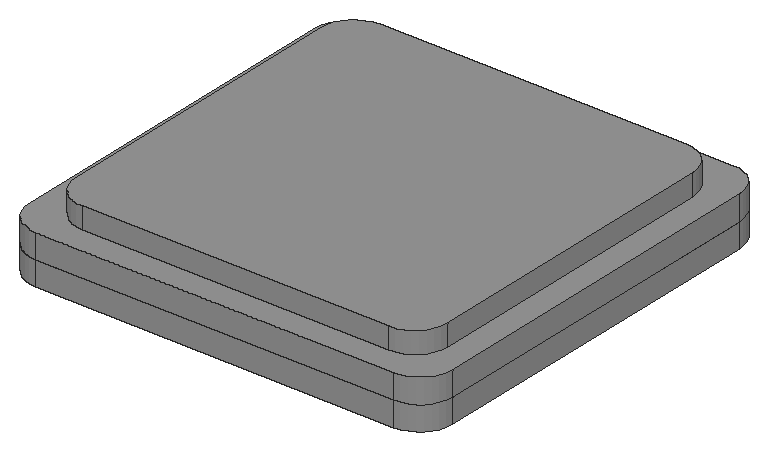
Revit family "FMS2_63_UN_Surface-mounted_ETK", category Lighting Fixtures, Revit 2019 (continued)
Definition of nested family "FMS.2 - Lightsource"
  Types (14, lengths in mm): name | Wattage Comments | Wattage | built-in parameter 1150134 | Photometric Web File | built-in parameter 1150142 | built-in parameter 1150105 | Lumens | built-in parameter 1150107 | built-in parameter 1150106 | Apparent Load
      245\t150.5698\t143.7296\t137.0039\r\n130.3641\t123.8674\t117.4851\t111.2459\t104.9782\t98.7962\t92.7288\t86.7472\t80.8515\t75.013\r\n69.8042\t64.8243\t59.9017\t55.0363\t50.2281\t42.5579\t24.9223\t7.2037\t0\t0\r\n0\r\n985.1004\t984.2418\t983.3832\t982.8108\t982.2384\t981.3798\t980.5212\t979.9488\t979.3764\t978.5178\r\n977.373\t976.2282\t974.7972\t973.3662\t972.5076\t971.3628\t969.6456\t967.9284\t965.925\t963.9216\r\n962.7768\t961.3458\t959.3424\t956.7666\t954.477\t952.1874\t950.184\t947.8944\t945.6048\t943.3152\r\n940.7394\t937.8774\t935.3016\t932.1534\t929.2914\t926.4294\t923.2812\t920.133\t916.9848\t913.8366\r\n910.116\t906.9678\t903.5334\t900.3852\t896.6646\t893.2302\t889.5096\t885.789\t882.0684\t878.3478\r\n874.6272\t870.6204\t866.6136\t862.0344\t857.7414\t852.876\t848.0106\t843.4314\t838.566\t833.1282\r\n827.6904\t822.2526\t816.8148\t811.6632\t806.7978\t801.6462\t796.4946\t791.0568\t785.3328\t779.3226\r\n773.5986\t768.1608\t762.723\t757.2852\t751.5612\t745.8372\t739.827\t734.103\t728.0928\t722.0826\r\n716.0724\t710.0622\t704.052\t697.7556\t691.7454\t685.449\t679.4388\t673.1424\t666.5598\t660.2634\r\n653.967\t647.6706\t641.3742\t635.0778\t628.4952\t621.3402\t613.899\t606.4578\t599.3028\t592.1478\r\n584.9928\t577.8378\t570.3966\t562.9554\t555.5142\t548.073\t540.6318\t533.4768\t526.0356\t518.5944\r\n511.1532\t503.712\t496.2708\t489.1158\t481.6746\t474.2334\t466.7922\t459.351\t451.9098\t444.1824\r\n436.1688\t428.4414\t420.4278\t412.128\t404.1144\t396.387\t388.6596\t380.646\t372.6324\t364.905\r\n357.1776\t349.4502\t342.009\t333.9954\t326.5542\t318.8268\t310.8132\t302.5134\t294.4998\t286.2\r\n278.3581\t270.2873\t262.2737\t254.2887\t246.4754\t238.7194\t231.0779\t223.3791\t215.7376\t208.0102\r\n200.4831\t193.0705\t185.7438\t178.5029\t171.3479\t164.2502\t157.2669\t150.3695\t143.5579\t136.775\r\n130.0779\t123.4381\t116.8841\t110.416\t104.0051\t97.6801\t91.5554\t86.089\t80.6512\t75.2706\r\n69.9473\t64.6526\t59.4151\t54.1777\t39.7818\t24.3327\t8.8636\t0\t0\t0\r\n0\r\n985.1004\t984.2418\t983.3832\t982.5246\t981.9522\t981.3798\t980.235\t979.3764\t978.804\t977.9454\r\n976.8006\t975.6558\t974.2248\t972.7938\t971.649\t970.5042\t969.0732\t967.356\t965.6388\t963.6354\r\n961.9182\t960.4872\t959.0562\t956.7666\t954.1908\t951.9012\t949.8978\t947.6082\t945.3186\t943.029\r\n940.7394\t938.4498\t935.5878\t933.012\t929.8638\t927.0018\t923.8536\t920.9916\t917.8434\t914.6952\r\n911.547\t908.1126\t904.9644\t901.53\t898.3818\t895.2336\t891.2268\t886.9338\t882.3546\t878.0616\r\n873.7686\t869.4756\t864.8964\t860.3172\t855.738\t850.5864\t845.721\t840.8556\t835.9902\t831.1248\r\n826.2594\t821.1078\t815.9562\t810.8046\t805.3668\t800.2152\t795.0636\t790.1982\t785.0466\t779.895\r\n774.4572\t768.7332\t763.0092\t757.5714\t752.1336\t746.6958\t741.258\t735.534\t730.0962\t724.6584\r\n718.9344\t713.2104\t706.6278\t699.759\t693.1764\t686.5938\t679.725\t673.1424\t666.2736\t659.4048\r\n652.536\t645.6672\t638.5122\t631.6434\t624.7746\t617.9058\t611.037\t604.1682\t597.2994\t590.4306\r\n583.5618\t576.4068\t569.2518\t562.0968\t555.228\t548.073\t540.918\t534.0492\t526.8942\t519.1668\r\n511.4394\t503.712\t495.9846\t488.2572\t480.816\t473.0886\t465.3612\t457.6338\t450.1926\t442.7514\r\n435.024\t427.5828\t420.1416\t412.4142\t404.6868\t397.2456\t389.8044\t382.077\t373.7772\t365.7636\r\n357.4638\t349.164\t340.8642\t332.8506\t324.837\t316.8234\t308.8098\t300.7962\t293.0688\t285.1124\r\n277.2706\t269.4287\t261.3865\t253.5446\t245.7886\t238.0898\t230.4196\t222.8067\t215.251\t207.7812\r\n200.3686\t193.0705\t185.7724\t178.5316\t171.2621\t164.0785\t156.9521\t149.9116\t142.8997\t135.945\r\n129.1048\t122.2933\t115.5676\t109.2998\t103.4899\t97.7373\t92.0133\t86.3465\t80.6798\t75.0989\r\n69.518\t63.9657\t53.8628\t39.5815\t25.2715\t10.9586\t0\t0\t0\t0\r\n0\r\n985.1004\t984.2418\t983.097\t982.5246\t981.666\t981.0936\t979.9488\t979.0902\t978.2316\t977.6592\r\n976.5144\t975.3696\t973.9386\t972.5076\t971.0766\t969.9318\t968.787\t967.0698\t965.3526\t963.6354\r\n961.632\t959.9148\t958.4838\t957.0528\t954.7632\t952.1874\t949.8978\t947.8944\t945.6048\t943.3152\r\n941.0256\t938.736\t936.7326\t934.1568\t931.2948\t928.719\t925.5708\t922.4226\t919.5606\t916.4124\r\n912.4056\t908.685\t904.6782\t900.6714\t896.6646\t892.6578\t888.651\t884.6442\t880.3512\t876.3444\r\n871.7652\t867.4722\t862.893\t858.6\t854.307\t849.7278\t845.1486\t840.2832\t835.704\t830.8386\r\n825.9732\t821.1078\t816.2424\t811.6632\t806.5116\t801.6462\t796.4946\t791.343\t786.1914\t781.326\r\n776.4606\t771.309\t766.4436\t760.4334\t753.8508\t747.5544\t741.258\t734.9616\t728.6652\t722.3688\r\n716.0724\t709.776\t703.4796\t697.1832\t690.6006\t684.3042\t677.7216\t671.139\t664.8426\t658.26\r\n651.6774\t645.0948\t638.5122\t631.9296\t625.347\t618.7644\t612.1818\t605.313\t598.158\t591.003\r\n583.848\t576.693\t569.538\t562.0968\t554.9418\t547.5006\t540.0594\t532.6182\t525.177\t517.7358\r\n510.2946\t503.1396\t495.9846\t488.5434\t481.1022\t473.9472\t466.506\t459.351\t452.196\t444.1824\r\n436.1688\t427.869\t419.8554\t411.5556\t403.542\t395.5284\t387.5148\t379.5012\t371.7738\t363.7602\r\n356.0328\t348.0192\t340.2918\t332.5644\t324.837\t316.8234\t308.8098\t300.51\t292.4964\t284.6545\r\n276.7554\t268.9421\t261.1575\t253.4301\t245.7599\t238.1184\t230.5341\t223.007\t215.5086\t207.9243\r\n200.3686\t192.8988\t185.429\t178.045\t170.6897\t163.3916\t156.1221\t148.9385\t141.8121\t134.7143\r\n128.2462\t122.1502\t116.0827\t110.0439\t104.0337\t98.0521\t92.1278\t86.2034\t80.3363\t74.4692\r\n68.0297\t54.4066\t40.7835\t27.1575\t13.5172\t0\t0\t0\t0\t0\r\n0\r\n985.1004\t983.9556\t983.097\t982.2384\t981.666\t980.8074\t979.6626\t978.804\t977.9454\t977.0868\r\n976.2282\t975.0834\t973.9386\t972.5076\t970.7904\t969.3594\t968.2146\t966.7836\t965.3526\t963.6354\r\n961.9182\t959.9148\t958.1976\t956.7666\t955.0494\t953.046\t950.7564\t948.4668\t946.1772\t944.1738\r\n941.8842\t939.5946\t937.305\t935.3016\t933.012\t929.8638\t926.1432\t922.4226\t918.4158\t914.409\r\n910.6884\t906.6816\t902.961\t899.2404\t895.5198\t891.513\t887.5062\t883.2132\t879.4926\t875.4858\r\n871.1928\t867.186\t862.893\t858.3138\t854.0208\t849.7278\t845.4348\t841.1418\t836.2764\t831.6972\r\n827.118\t822.5388\t818.2458\t813.6666\t809.0874\t804.222\t798.2118\t792.4878\t786.4776\t780.7536\r\n775.0296\t769.0194\t763.0092\t756.999\t751.275\t745.2648\t739.2546\t733.5306\t727.5204\t721.224\r\n714.9276\t708.6312\t702.621\t696.3246\t690.3144\t684.3042\t678.0078\t671.7114\t665.415\t659.1186\r\n653.1084\t646.2396\t639.3708\t632.502\t625.347\t618.192\t611.037\t603.882\t596.727\t589.8582\r\n582.7032\t575.5482\t568.3932\t561.5244\t554.3694\t547.2144\t540.3456\t533.1906\t526.3218\t519.1668\r\n512.0118\t505.143\t497.4156\t489.402\t481.3884\t473.661\t465.6474\t457.6338\t449.6202\t441.8928\r\n433.8792\t426.1518\t418.4244\t410.697\t402.6834\t394.956\t387.2286\t379.5012\t371.7738\t364.0464\r\n356.0328\t348.0192\t340.0056\t331.992\t323.9784\t315.9648\t307.9512\t300.2238\t292.2102\t284.4828\r\n276.784\t269.1139\t261.4723\t253.8594\t246.1034\t238.2901\t230.5055\t222.7781\t215.1079\t207.4378\r\n199.7962\t192.2119\t184.6849\t177.1864\t169.7452\t162.3326\t154.9487\t148.1371\t141.7262\t135.3726\r\n129.0476\t122.7512\t116.4834\t110.2442\t104.0623\t97.8804\t91.6985\t85.5738\t79.4491\t69.4321\r\n56.2097\t43.0159\t29.7934\t16.5824\t3.3629\t0\t0\t0\t0\t0\r\n0\r\n985.1004\t983.9556\t983.097\t982.2384\t981.3798\t980.5212\t979.6626\t978.5178\t977.6592\t976.8006\r\n975.6558\t974.7972\t973.6524\t972.5076\t971.0766\t969.3594\t967.9284\t966.4974\t965.0664\t963.6354\r\n961.9182\t960.4872\t958.77\t956.7666\t955.3356\t953.6184\t951.9012\t949.8978\t947.6082\t945.3186\r\n943.029\t940.7394\t937.5912\t934.1568\t930.7224\t927.5742\t924.426\t921.2778\t917.5572\t913.8366\r\n910.116\t906.1092\t902.1024\t898.0956\t894.375\t890.6544\t887.22\t883.4994\t879.7788\t875.4858\r\n871.479\t867.4722\t863.4654\t859.7448\t855.4518\t851.1588\t847.152\t842.5728\t838.2798\t833.9868\r\n828.549\t823.3974\t817.9596\t812.2356\t806.5116\t801.0738\t795.636\t790.1982\t784.4742\t779.0364\r\n773.3124\t767.5884\t761.8644\t756.1404\t750.7026\t744.9786\t739.2546\t733.2444\t727.5204\t721.5102\r\n715.7862\t709.776\t704.052\t698.328\t692.604\t685.7352\t678.5802\t671.7114\t664.5564\t657.9738\r\n651.105\t644.5224\t637.6536\t630.7848\t623.916\t617.3334\t610.4646\t603.5958\t596.727\t590.1444\r\n583.2756\t576.4068\t569.8242\t562.9554\t556.0866\t549.2178\t541.4904\t533.4768\t526.0356\t518.3082\r\n510.867\t503.1396\t495.126\t487.3986\t479.6712\t471.9438\t464.2164\t456.7752\t449.0478\t441.3204\r\n433.593\t426.1518\t418.7106\t410.9832\t402.9696\t394.956\t386.9424\t378.9288\t371.2014\t363.1878\r\n355.1742\t347.4468\t339.4332\t331.7058\t323.6922\t315.9648\t308.2374\t300.51\t292.7826\t284.998\r\n277.0988\t269.1425\t261.2434\t253.3442\t245.5024\t237.6891\t229.8758\t222.1198\t214.3638\t206.665\r\n198.9662\t191.3247\t183.6832\t176.0989\t168.858\t162.2468\t155.6356\t149.0816\t142.5276\t136.0022\r\n129.5055\t123.0374\t116.5693\t110.1298\t103.7189\t97.308\t90.9257\t84.5721\t72.0652\t59.1003\r\n46.1641\t33.1992\t20.2458\t7.2895\t0\t0\t0\t0\t0\t0\r\n0\r\n985.1004\t983.9556\t983.097\t981.9522\t981.0936\t980.5212\t979.3764\t978.5178\t977.373\t976.5144\r\n975.3696\t974.511\t973.3662\t972.2214\t971.0766\t969.6456\t968.2146\t966.4974\t965.0664\t963.6354\r\n962.2044\t960.7734\t959.0562\t957.6252\t955.908\t954.1908\t952.4736\t951.0426\t949.3254\t946.1772\r\n942.7428\t939.3084\t936.1602\t932.7258\t929.5776\t926.1432\t922.995\t919.5606\t916.4124\t912.978\r\n909.8298\t906.1092\t902.6748\t898.9542\t894.9474\t890.9406\t886.9338\t883.4994\t879.7788\t876.0582\r\n872.6238\t869.1894\t865.4688\t861.462\t857.4552\t852.5898\t847.7244\t842.5728\t837.4212\t831.9834\r\n826.8318\t821.394\t815.9562\t810.5184\t805.0806\t799.929\t794.7774\t789.6258\t784.188\t778.7502\r\n773.3124\t767.8746\t762.1506\t756.7128\t750.9888\t745.551\t740.1132\t734.6754\t729.2376\t723.2274\r\n716.6448\t710.0622\t703.7658\t697.1832\t690.6006\t683.7318\t677.1492\t670.5666\t663.984\t657.4014\r\n651.105\t644.5224\t637.9398\t631.6434\t624.7746\t618.192\t611.3232\t604.4544\t597.8718\t591.5754\r\n584.7066\t577.2654\t569.538\t562.0968\t554.6556\t547.2144\t539.487\t532.0458\t524.6046\t517.1634\r\n509.436\t501.9948\t494.2674\t486.8262\t479.385\t471.9438\t464.5026\t457.0614\t449.6202\t442.179\r\n434.1654\t426.1518\t418.1382\t410.4108\t402.3972\t394.6698\t386.6562\t378.9288\t370.9152\t363.1878\r\n355.1742\t347.4468\t339.7194\t331.992\t324.2646\t316.5372\t308.5236\t300.51\t292.4964\t284.54\r\n276.5837\t268.6273\t260.7282\t252.8005\t244.9013\t237.0308\t229.1603\t221.3471\t213.5624\t205.7778\r\n198.0504\t190.323\t183.397\t176.5854\t169.8311\t163.0768\t156.3224\t149.6254\t142.9283\t136.2312\r\n129.5627\t122.9229\t116.2831\t109.6432\t103.0606\t96.4494\t88.5503\t75.7571\t62.964\t50.1709\r\n37.3491\t24.5674\t11.7714\t0\t0\t0\t0\t0\t0\t0\r\n0\r\n985.1004\t983.9556\t982.8108\t981.9522\t981.0936\t980.235\t979.3764\t978.2316\t977.0868\t976.2282\r\n975.0834\t974.2248\t973.08\t971.9352\t970.7904\t969.9318\t968.5008\t967.0698\t965.6388\t963.9216\r\n962.4906\t961.0596\t959.6286\t957.9114\t956.4804\t955.0494\t953.3322\t950.4702\t947.6082\t944.7462\r\n941.598\t938.736\t935.5878\t932.1534\t929.0052\t925.5708\t922.4226\t918.9882\t915.84\t912.4056\r\n909.2574\t905.823\t902.6748\t899.2404\t895.806\t892.3716\t888.9372\t885.2166\t881.7822\t877.7754\r\n873.7686\t869.7618\t864.8964\t860.031\t855.4518\t850.5864\t846.0072\t841.1418\t835.9902\t830.8386\r\n825.687\t820.2492\t815.3838\t810.2322\t805.3668\t799.929\t794.7774\t789.3396\t784.188\t778.7502\r\n773.5986\t768.447\t763.2954\t758.1438\t752.9922\t746.982\t740.6856\t734.3892\t728.0928\t721.7964\r\n715.2138\t708.6312\t702.3348\t695.7522\t689.4558\t683.1594\t676.863\t670.5666\t664.2702\t657.6876\r\n651.3912\t645.0948\t638.7984\t632.502\t626.2056\t619.623\t612.468\t604.7406\t597.2994\t590.1444\r\n582.7032\t575.5482\t568.3932\t560.952\t553.797\t546.3558\t539.2008\t531.7596\t524.3184\t516.8772\r\n509.436\t501.9948\t494.8398\t487.6848\t480.2436\t472.8024\t464.7888\t457.0614\t449.0478\t441.0342\r\n433.3068\t425.2932\t417.5658\t409.8384\t402.111\t394.3836\t386.6562\t378.9288\t370.9152\t363.1878\r\n355.4604\t347.733\t340.0056\t331.992\t323.9784\t315.9648\t307.9512\t299.9376\t291.924\t283.9104\r\n275.9254\t267.9691\t260.0127\t252.085\t244.1572\t236.2581\t228.3876\t220.5171\t212.6752\t204.9764\r\n198.0504\t191.0957\t184.1983\t177.2723\t170.4035\t163.5061\t156.6373\t149.7685\t142.9283\t136.1167\r\n129.3052\t122.5222\t115.7393\t108.9563\t102.202\t93.1295\t80.4222\t67.7435\t55.0363\t42.329\r\n29.6217\t16.9144\t4.2129\t0\t0\t0\t0\t0\t0\t0\r\n0\r\n985.1004\t983.9556\t982.8108\t981.9522\t980.8074\t979.9488\t979.0902\t978.2316\t977.0868\t976.2282\r\n975.0834\t973.9386\t973.08\t971.9352\t970.7904\t969.6456\t968.5008\t967.6422\t966.2112\t964.7802\r\n963.3492\t961.632\t960.201\t958.77\t957.339\t954.7632\t951.9012\t949.3254\t946.4634\t943.6014\r\n940.4532\t937.5912\t934.7292\t931.581\t928.719\t925.5708\t922.4226\t919.2744\t916.1262\t912.978\r\n909.5436\t906.3954\t902.961\t899.8128\t896.3784\t893.2302\t890.082\t886.6476\t883.2132\t878.3478\r\n873.4824\t868.9032\t864.0378\t859.4586\t854.5932\t849.4416\t844.5762\t839.4246\t834.5592\t829.6938\r\n824.8284\t820.2492\t815.3838\t810.5184\t805.653\t800.7876\t795.636\t790.4844\t785.3328\t780.4674\r\n775.3158\t769.5918\t763.5816\t757.5714\t751.275\t744.9786\t738.9684\t732.672\t726.3756\t720.3654\r\n714.069\t707.7726\t701.7624\t695.7522\t689.4558\t683.4456\t677.1492\t671.139\t665.1288\t659.1186\r\n652.8222\t646.812\t639.9432\t632.502\t625.347\t617.9058\t610.7508\t603.5958\t596.4408\t589.2858\r\n582.1308\t574.9758\t567.8208\t560.6658\t553.5108\t546.3558\t539.2008\t532.0458\t524.6046\t517.4496\r\n510.2946\t502.8534\t495.126\t487.1124\t479.385\t471.3714\t463.644\t455.9166\t448.1892\t440.4618\r\n432.7344\t425.007\t417.2796\t409.5522\t401.8248\t394.0974\t386.37\t378.6426\t370.9152\t363.1878\r\n355.4604\t347.4468\t339.4332\t331.4196\t323.406\t315.3924\t307.3788\t299.3652\t291.3516\t283.338\r\n275.353\t267.3967\t259.4403\t251.5126\t243.5562\t235.6571\t227.7293\t220.0306\t212.99\t205.9495\r\n198.909\t191.8971\t184.9138\t177.9019\t170.9186\t163.964\t156.9807\t150.026\t143.1\t136.1453\r\n129.2193\t122.3219\t115.3958\t108.4984\t99.0824\t86.3752\t73.6679\t60.9606\t48.2819\t35.5747\r\n22.8788\t10.1801\t0\t0\t0\t0\t0\t0\t0\t0\r\n0\r\n985.1004\t983.9556\t982.8108\t981.9522\t980.8074\t979.9488\t979.0902\t977.9454\t977.0868\t975.942\r\n975.0834\t973.9386\t973.08\t971.9352\t970.7904\t969.6456\t968.5008\t967.356\t966.4974\t965.3526\r\n964.2078\t963.063\t961.3458\t959.9148\t957.0528\t954.1908\t951.3288\t948.4668\t945.6048\t942.7428\r\n939.8808\t937.0188\t934.1568\t931.2948\t928.1466\t925.2846\t922.1364\t919.2744\t916.1262\t913.2642\r\n910.116\t907.254\t904.1058\t900.9576\t898.0956\t894.9474\t891.2268\t886.3614\t881.496\t876.9168\r\n872.3376\t867.7584\t862.893\t858.3138\t853.7346\t848.8692\t844.0038\t839.4246\t834.8454\t829.98\r\n825.4008\t820.8216\t816.2424\t811.377\t806.5116\t801.6462\t796.4946\t791.6292\t786.1914\t780.1812\r\n774.4572\t768.447\t762.4368\t756.4266\t750.4164\t744.4062\t738.6822\t732.3858\t726.3756\t720.3654\r\n714.3552\t708.345\t702.3348\t696.3246\t690.3144\t684.3042\t678.294\t672.2838\t666.2736\t659.4048\r\n652.2498\t645.381\t638.226\t631.071\t623.916\t616.761\t609.8922\t602.7372\t595.8684\t588.7134\r\n581.5584\t574.6896\t567.8208\t560.6658\t553.5108\t546.642\t539.487\t532.332\t525.177\t517.4496\r\n509.7222\t501.9948\t494.2674\t486.54\t478.8126\t471.0852\t463.3578\t455.6304\t448.1892\t440.4618\r\n432.7344\t425.007\t417.5658\t409.8384\t402.111\t394.6698\t386.9424\t379.215\t371.2014\t363.1878\r\n355.1742\t347.1606\t338.8608\t330.8472\t322.8336\t314.82\t306.8064\t298.7928\t290.7792\t282.737\r\n274.7806\t266.8243\t258.8965\t250.9402\t243.0124\t235.1133\t227.9583\t220.8033\t213.6769\t206.5505\r\n199.4528\t192.355\t185.2573\t178.1595\t171.0617\t163.9926\t156.9235\t149.8543\t142.8138\t135.7733\r\n128.7328\t121.6922\t114.6517\t105.5792\t92.9005\t80.2219\t67.5718\t54.8932\t42.2145\t29.5645\r\n16.8972\t4.2329\t0\t0\t0\t0\t0\t0\t0\t0\r\n0\r\n985.1004\t983.9556\t982.8108\t981.9522\t980.8074\t979.9488\t978.804\t977.9454\t977.0868\t975.942\r\n975.0834\t973.9386\t973.08\t971.9352\t971.0766\t969.9318\t968.787\t967.6422\t966.4974\t965.3526\r\n964.2078\t963.3492\t962.2044\t959.6286\t957.0528\t954.1908\t951.3288\t948.1806\t945.3186\t942.4566\r\n939.5946\t936.7326\t933.8706\t931.0086\t928.1466\t925.2846\t922.4226\t919.5606\t916.6986\t913.8366\r\n910.6884\t907.8264\t904.6782\t901.8162\t898.3818\t893.8026\t889.5096\t884.9304\t880.6374\t876.0582\r\n871.479\t866.8998\t862.6068\t857.7414\t853.1622\t848.583\t844.0038\t839.7108\t835.1316\t830.5524\r\n825.9732\t821.1078\t816.5286\t811.6632\t807.084\t802.5048\t796.4946\t790.7706\t785.0466\t779.0364\r\n773.3124\t767.5884\t761.8644\t755.8542\t750.1302\t744.4062\t738.396\t732.3858\t726.3756\t720.3654\r\n714.3552\t708.6312\t702.621\t696.897\t690.8868\t685.1628\t678.8664\t671.9976\t665.1288\t658.26\r\n651.105\t644.2362\t637.3674\t630.4986\t623.6298\t616.761\t609.606\t602.7372\t595.5822\t588.7134\r\n581.5584\t574.6896\t567.8208\t560.6658\t553.797\t546.9282\t539.7732\t532.332\t524.6046\t516.8772\r\n509.1498\t501.7086\t493.9812\t486.2538\t478.8126\t471.0852\t463.644\t455.9166\t448.1892\t440.748\r\n433.0206\t425.5794\t417.852\t410.4108\t402.6834\t395.2422\t386.9424\t378.9288\t370.9152\t362.9016\r\n354.6018\t346.5882\t338.5746\t330.561\t322.5474\t314.5338\t306.5202\t298.5066\t290.493\t282.5366\r\n274.5517\t266.5667\t258.6103\t250.6253\t243.0697\t235.8288\t228.6452\t221.4329\t214.2493\t207.0371\r\n199.8535\t192.6698\t185.5148\t178.3312\t171.1762\t163.9926\t156.8376\t149.7112\t142.5562\t135.4012\r\n128.2748\t121.1198\t113.1062\t100.4562\t87.7775\t75.1275\t62.4488\t49.7988\t37.1201\t24.473\r\n11.8115\t0\t0\t0\t0\t0\t0\t0\t0\t0\r\n0\r\n985.1004\t983.9556\t982.8108\t981.9522\t980.8074\t979.9488\t978.804\t977.9454\t977.0868\t975.942\r\n975.0834\t973.9386\t973.08\t971.9352\t971.0766\t969.9318\t969.0732\t967.9284\t967.0698\t965.925\r\n964.7802\t963.6354\t961.3458\t958.4838\t955.908\t953.3322\t950.4702\t947.89
